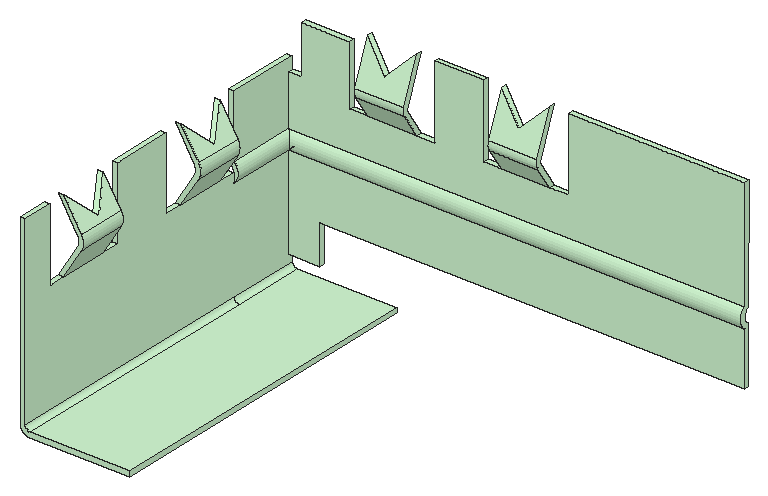
Revit family "20eTLクロス左 H=8-eL3520(ツメ)", category 機械設備, Revit 2020
Family settings
  丸型コネクタ寸法 = 直径を使用
  種別 = なし
  パーツ タイプ = 標準
  作業面ベース = いいえ
  常に垂直 = はい
  ロード時にボイドで切り取り = いいえ
  共有 = いいえ
  部屋計算ポイント = いいえ
Parameters
  製造元 = "株式会社桐井製作所"
  既定の高さ = 0 mm
  URL = "https://www.kirii.co.jp/"
  K_材質 = "溶融亜鉛めっき鋼板及び鋼帯 SGCC 一般用"
  K_品名 = "20eTLクロス左 H=8-eL3520(ツメ)"
  K_名称 = "eTLクロス"
  K_入数 = "250"
  K_備考 = "対象Tバー:eT4015、eY4815　対象Lバー:eL3520(20面)"
  K_バージョン情報 = "20220411"
  K_めっき付着量 = "Z12"
  K_JIS規格 = "JIS G 3302"
Reference planes
  plane 1 "中心(正面/背面)": y = 0
  plane 2: z = 0
  plane 3 "中心(左/右)": x = 0
Forms (mm)
  Extrusion 1, solid
    sketch origin (0, 0, 0) x (0, 1, 0) y (0, 0, 1)
      loop
        arc (-0.8, 21.6) -> (-1.6, 20) -> (-0.8, 18.4) r 2
        line (-0.8, 18.4) -> (-0.8, 0) -> (0, 0) -> (0, 18.869)
        arc (0, 18.869) -> (-0.8, 20) -> (0, 21.131) r 1.2
        line (0, 21.131) -> (0, 40) -> (-0.8, 40) -> (-0.8, 21.6)
    from 0 to 76
  Extrusion 2, void
    sketch origin (0, 0, 0) x (1, 0, 0) y (0, 0, 1)
      loop
        line (0, 40) -> (0, 30) -> (3, 30) -> (3, 38) -> (11, 38) -> (11, 28) -> (25, 28) -> (25, 40) -> (0, 40)
    from -0.792 to 0.8
  Extrusion 3, void
    sketch origin (0, 0, 0) x (1, 0, 0) y (0, 0, 1)
      loop
        line (33, 28) -> (47, 28) -> (47, 40) -> (33, 40) -> (33, 28)
    from -0.792 to 0.8
  Extrusion 4, void
    sketch origin (0, 0, 0) x (1, 0, 0) y (0, 0, 1)
      loop
        line (6, 9.5) -> (6, 3) -> (0, 3) -> (0, 0) -> (76, 0) -> (76, 9.5) -> (6, 9.5)
    from -0.792 to 0.8
  Extrusion 5, void
    sketch origin (-22, -1.6, 0) x (1, 0, 0) y (0, 0, -1)
      loop
        line (44, -40) -> (40, -36) -> (36, -40) -> (44, -40)
    from -0.873 to 1.6
  Extrusion 6, void
    sketch origin (0, -1.6, 0) x (1, 0, 0) y (0, 0, -1)
      loop
        line (44, -40) -> (40, -36) -> (36, -40) -> (44, -40)
    from -0.873 to 1.6
  Extrusion 7, solid
    sketch origin (-22, -0.8, 0) x (0, -1, 0) y (0, 0, -1)
      loop
        line (2.069, -32.596) -> (-0.8, -40) -> (0, -40) -> (2.676, -33.237)
        arc (2.676, -33.237) -> (2.766, -32.496) -> (2.511, -31.794) r 1.6
        line (2.511, -31.794) -> (0, -28) -> (-0.8, -28) -> (2.069, -32.596)
    from 36 to 44
  Extrusion 8, solid
    sketch origin (0, -0.8, 0) x (0, -1, 0) y (0, 0, -1)
      loop
        line (2.069, -32.596) -> (-0.8, -40) -> (0, -40) -> (2.676, -33.237)
        arc (2.676, -33.237) -> (2.766, -32.496) -> (2.511, -31.794) r 1.6
        line (2.511, -31.794) -> (0, -28) -> (-0.8, -28) -> (2.069, -32.596)
    from 36 to 44
  Extrusion 9, void
    sketch origin (0, -54.2, 0) x (0, 1, 0) y (0, 0, 1)
      loop
        line (42.2, 20) -> (42.2, 32) -> (28.2, 32) -> (28.2, 20) -> (42.2, 20)
    from 0 to 1.6
  Extrusion 10, solid
    sketch origin (0, -54.2, 0) x (1, 0, 0) y (0, 0, 1)
      loop
        line (0.8, 32) -> (0, 32) -> (0, 1.6)
        arc (0, 1.6) -> (0.469, 0.469) -> (1.6, 0) r 1.6
        line (1.6, 0) -> (18, 0) -> (18, 0.8) -> (1.6, 0.8)
        arc (1.6, 0.8) -> (1.034, 1.034) -> (0.8, 1.6) r 0.8
        line (0.8, 1.6) -> (0.8, 32)
    from -42.2 to 0.8
  Extrusion 11, void
    sketch origin (0, -68.2, 0) x (0, 1, 0) y (0, 0, 1)
      loop
        line (32.2, 20) -> (32.2, 32) -> (18.2, 32) -> (18.2, 20) -> (32.2, 20)
    from 0 to 1.6
  Extrusion 12, solid
    sketch origin (0, -11.2, 0) x (1, 0, 0) y (0, 0, 1)
      loop
        arc (1.6, 0.8) -> (1.034, 1.034) -> (0.8, 1.6) r 0.8
        line (0.8, 1.6) -> (0.8, 18.4)
        arc (0.8, 18.4) -> (1.6, 20) -> (0.8, 21.6) r 2
        line (0.8, 21.6) -> (0.8, 32) -> (0, 32) -> (0, 21.131)
        arc (0, 21.131) -> (0.8, 20) -> (0, 18.869) r 1.2
        line (0, 18.869) -> (0, 1.6)
        arc (0, 1.6) -> (0.469, 0.469) -> (1.6, 0) r 1.6
        line (1.6, 0) -> (18, 0) -> (18, 0.8) -> (1.6, 0.8)
    from -11.2 to 0.8
  Extrusion 13, solid
    sketch origin (0, -37.169, 0) x (1, 0, 0) y (0, 0, 1)
      loop
        line (3.756, 27.207) -> (0.8, 32) -> (0, 32) -> (3.075, 26.787)
        arc (3.075, 26.787) -> (3.298, 26) -> (3.075, 25.213) r 1.5
        line (3.075, 25.213) -> (0, 20) -> (0.8, 20) -> (3.756, 24.793)
        arc (3.756, 24.793) -> (4.098, 26) -> (3.756, 27.207) r 2.3
    from -22.2 to -14.2
  Extrusion 14, void
    sketch origin (0, -37.169, 0) x (0, 1, 0) y (0, 0, 1)
      loop
        line (22.2, 32) -> (14.2, 32) -> (18.2, 28) -> (22.2, 32)
    from 0 to 3.257
  Extrusion 15, solid
    sketch origin (0, -61.2, 0) x (1, 0, 0) y (0, 0, 1)
      loop
        line (3.756, 27.207) -> (0.8, 32) -> (0, 32) -> (3.075, 26.787)
        arc (3.075, 26.787) -> (3.298, 26) -> (3.075, 25.213) r 1.5
        line (3.075, 25.213) -> (0, 20) -> (0.8, 20) -> (3.756, 24.793)
        arc (3.756, 24.793) -> (4.098, 26) -> (3.756, 27.207) r 2.3
    from -22.2 to -14.2
  Extrusion 16, void
    sketch origin (0, -61.2, 0) x (0, 1, 0) y (0, 0, 1)
      loop
        line (22.2, 32) -> (14.2, 32) -> (18.2, 28) -> (22.2, 32)
    from 0 to 3.257
Cuts and joins
  Extrusion 2, Extrusion 3, Extrusion 4, Extrusion 5, Extrusion 6 cuts Extrusion 1
  Extrusion 5 cuts Extrusion 7
  Extrusion 6 cuts Extrusion 8
  joined: Extrusion 1, Extrusion 7, Extrusion 8
  Extrusion 9, Extrusion 11, Extrusion 14, Extrusion 16 cuts Extrusion 10
  Extrusion 14 cuts Extrusion 12
  Extrusion 14 cuts Extrusion 13
  Extrusion 16 cuts Extrusion 15
  joined: Extrusion 10, Extrusion 12, Extrusion 13, Extrusion 15
Dimensions and locks
  aligned and locked: level to plane 2
